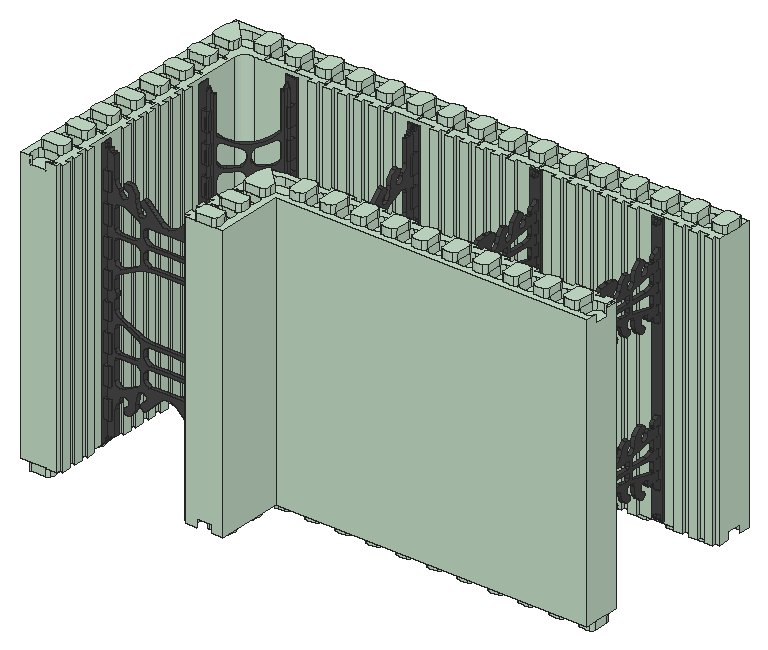
Revit family (continued)
Definition of nested family "8-inch Web"
  Forms (mm)
    Extrusion 1, solid, material "Polypropylene"
      sketch origin (0, 0, -12.7) x (0, 1, 0) y (0, 0, 1)
        loop
          arc (-14.2, 153.366) -> (-12.317, 139.962) -> (-25.162, 144.233) r 7.964
          line (-25.162, 144.233) -> (-28.785, 154.058)
          arc (-28.785, 154.058) -> (-32.372, 159.475) -> (-37.571, 163.372) r 19.048
          arc (-37.571, 163.372) -> (-44.734, 160.936) -> (-42.74, 153.637) r 5.521
          arc (-42.74, 153.637) -> (-41.863, 139.83) -> (-54.194, 146.103) r 7.964
          arc (-54.194, 146.103) -> (-55.373, 154.194) -> (-57.64, 162.051) r 60.065
          arc (-57.64, 162.051) -> (-61.567, 168.057) -> (-67.603, 171.936) r 17.187
          arc (-67.603, 171.936) -> (-74.867, 168.824) -> (-71.754, 161.56) r 5.588
          arc (-71.754, 161.56) -> (-71.305, 147.203) -> (-82.775, 155.849) r 7.964
          arc (-82.775, 155.849) -> (-83.358, 158.431) -> (-85.945, 158.987) r 2.458
          arc (-85.945, 158.987) -> (-90.146, 157.611) -> (-94.523, 156.986) r 25.331
          line (-94.523, 156.986) -> (-97.423, 156.986) -> (-97.423, 158.764) -> (-95.969, 158.764)
          arc (-95.969, 158.764) -> (-94.847, 159.229) -> (-94.382, 160.352) r 1.588
          line (-94.382, 160.352) -> (-94.382, 162.066)
          arc (-94.382, 162.066) -> (-95.547, 165.733) -> (-98.615, 168.053) r 6.35
          arc (-98.615, 168.053) -> (-101.901, 169.792) -> (-104.542, 172.407) r 12.7
          line (-104.542, 172.407) -> (-106.299, 172.407) -> (-106.299, 157.177)
          arc (-106.299, 157.177) -> (-105.834, 158.3) -> (-104.712, 158.764) r 1.588
          line (-104.712, 158.764) -> (-99.32, 158.764) -> (-99.32, 156.986) -> (-102.129, 156.986) -> (-102.129, 144.286) -> (-99.32, 144.286) -> (-99.32, 142.508) -> (-104.712, 142.508)
          arc (-104.712, 142.508) -> (-105.834, 142.973) -> (-106.299, 144.096) r 1.587
          line (-106.299, 144.096) -> (-106.299, 124.157)
          arc (-106.299, 124.157) -> (-105.834, 125.28) -> (-104.712, 125.744) r 1.587
          line (-104.712, 125.744) -> (-99.32, 125.744) -> (-99.32, 123.966) -> (-102.129, 123.966) -> (-102.129, 111.266) -> (-99.32, 111.266) -> (-99.32, 109.488) -> (-104.712, 109.488)
          arc (-104.712, 109.488) -> (-105.834, 109.953) -> (-106.299, 111.076) r 1.587
          line (-106.299, 111.076) -> (-106.299, 91.137)
          arc (-106.299, 91.137) -> (-105.834, 92.26) -> (-104.712, 92.724) r 1.587
          line (-104.712, 92.724) -> (-99.32, 92.724) -> (-99.32, 90.946) -> (-102.129, 90.946) -> (-102.129, 78.247) -> (-99.32, 78.247) -> (-99.32, 76.468) -> (-105.494, 76.468)
          arc (-105.494, 76.468) -> (-105.911, 76.524) -> (-106.299, 76.687) r 1.587
          line (-106.299, 76.687) -> (-106.299, 59.596)
          arc (-106.299, 59.596) -> (-103.303, 64.245) -> (-98.615, 67.18) r 12.7
          arc (-98.615, 67.18) -> (-95.547, 69.5) -> (-94.382, 73.166) r 6.35
          line (-94.382, 73.166) -> (-94.382, 74.881)
          arc (-94.382, 74.881) -> (-94.847, 76.004) -> (-95.969, 76.468) r 1.588
          line (-95.969, 76.468) -> (-97.423, 76.468) -> (-97.423, 78.247) -> (-94.523, 78.247)
          arc (-94.523, 78.247) -> (-90.146, 77.622) -> (-85.945, 76.246) r 25.331
          arc (-85.945, 76.246) -> (-83.358, 76.802) -> (-82.775, 79.383) r 2.458
          arc (-82.775, 79.383) -> (-71.305, 88.03) -> (-71.754, 73.673) r 7.964
          arc (-71.754, 73.673) -> (-74.867, 66.409) -> (-67.603, 63.297) r 5.588
          arc (-67.603, 63.297) -> (-61.567, 67.176) -> (-57.64, 73.182) r 17.187
          arc (-57.64, 73.182) -> (-55.373, 81.039) -> (-54.194, 89.13) r 60.065
          arc (-54.194, 89.13) -> (-41.863, 95.403) -> (-42.74, 81.596) r 7.964
          arc (-42.74, 81.596) -> (-44.734, 74.297) -> (-37.571, 71.861) r 5.521
          arc (-37.571, 71.861) -> (-32.372, 75.758) -> (-28.785, 81.174) r 19.048
          line (-28.785, 81.174) -> (-25.162, 91)
          arc (-25.162, 91) -> (-12.317, 95.271) -> (-14.2, 81.867) r 7.964
          arc (-14.2, 81.867) -> (-18.676, 75.161) -> (-13.614, 68.886) r 6.808
          arc (-13.614, 68.886) -> (-7.646, 67.686) -> (-1.57, 67.31) r 44.552
          arc (-1.57, 67.31) -> (-0.785, 67.312) -> (0, 67.327) r 44.552
          arc (0, 67.327) -> (0.785, 67.312) -> (1.57, 67.31) r 44.552
          arc (1.57, 67.31) -> (7.646, 67.686) -> (13.614, 68.886) r 44.552
          arc (13.614, 68.886) -> (18.676, 75.161) -> (14.2, 81.867) r 6.808
          arc (14.2, 81.867) -> (12.317, 95.271) -> (25.162, 91) r 7.964
          line (25.162, 91) -> (28.785, 81.174)
          arc (28.785, 81.174) -> (32.372, 75.758) -> (37.571, 71.861) r 19.048
          arc (37.571, 71.861) -> (44.734, 74.297) -> (42.74, 81.596) r 5.521
          arc (42.74, 81.596) -> (41.863, 95.403) -> (54.194, 89.13) r 7.964
          arc (54.194, 89.13) -> (55.373, 81.039) -> (57.64, 73.182) r 60.065
          arc (57.64, 73.182) -> (61.567, 67.176) -> (67.603, 63.297) r 17.187
          arc (67.603, 63.297) -> (74.867, 66.409) -> (71.754, 73.673) r 5.588
          arc (71.754, 73.673) -> (71.305, 88.03) -> (82.775, 79.383) r 7.964
          arc (82.775, 79.383) -> (83.358, 76.802) -> (85.945, 76.246) r 2.458
          arc (85.945, 76.246) -> (90.146, 77.622) -> (94.523, 78.247) r 25.331
          line (94.523, 78.247) -> (97.423, 78.247) -> (97.423, 76.468) -> (95.969, 76.468)
          arc (95.969, 76.468) -> (94.847, 76.004) -> (94.382, 74.881) r 1.588
          line (94.382, 74.881) -> (94.382, 73.166)
          arc (94.382, 73.166) -> (95.547, 69.5) -> (98.615, 67.18) r 6.35
          arc (98.615, 67.18) -> (103.303, 64.245) -> (106.299, 59.596) r 12.7
          line (106.299, 59.596) -> (106.299, 76.687)
          arc (106.299, 76.687) -> (105.911, 76.524) -> (105.494, 76.468) r 1.587
          line (105.494, 76.468) -> (99.32, 76.468) -> (99.32, 78.247) -> (102.129, 78.247) -> (102.129, 90.946)
        loop
          arc (91.877, 111.986) -> (86.338, 114.181) -> (80.47, 115.215) r 29.457
          line (80.47, 115.215) -> (51.148, 115.196)
          arc (51.148, 115.196) -> (49.353, 114.451) -> (48.61, 112.656) r 2.54
          line (48.61, 112.656) -> (48.61, 102.883)
          arc (48.61, 102.883) -> (49.199, 101.256) -> (50.693, 100.384) r 2.54
          arc (50.693, 100.384) -> (72.674, 96.007) -> (94.509, 90.946) r 717.627
          line (94.509, 90.946) -> (97.423, 90.946) -> (97.423, 92.724) -> (95.969, 92.724)
          arc (95.969, 92.724) -> (94.847, 93.189) -> (94.382, 94.312) r 1.588
          line (94.382, 94.312) -> (94.382, 107.901)
          arc (94.382, 107.901) -> (94.847, 109.024) -> (95.969, 109.488) r 1.588
          line (95.969, 109.488) -> (97.423, 109.488) -> (97.423, 111.266) -> (94.509, 111.266)
          arc (94.509, 111.266) -> (93.148, 111.462) -> (91.877, 111.986) r 5.556
        loop
          arc (94.509, 144.286) -> (72.674, 139.226) -> (50.693, 134.849) r 717.627
          arc (50.693, 134.849) -> (49.199, 133.977) -> (48.61, 132.35) r 2.54
          line (48.61, 132.35) -> (48.61, 122.577)
          arc (48.61, 122.577) -> (49.353, 120.782) -> (51.148, 120.018) r 2.54
          line (51.148, 120.018) -> (80.47, 120.018)
          arc (80.47, 120.018) -> (86.338, 121.052) -> (91.877, 123.247) r 29.457
          arc (91.877, 123.247) -> (93.148, 123.771) -> (94.509, 123.966) r 5.556
          line (94.509, 123.966) -> (97.423, 123.966) -> (97.423, 125.744) -> (95.969, 125.744)
          arc (95.969, 125.744) -> (94.847, 126.209) -> (94.382, 127.332) r 1.588
          line (94.382, 127.332) -> (94.382, 140.921)
          arc (94.382, 140.921) -> (94.847, 142.044) -> (95.969, 142.508) r 1.588
          line (95.969, 142.508) -> (97.423, 142.508) -> (97.423, 144.286) -> (94.509, 144.286)
        loop
          arc (41.723, 101.963) -> (43.816, 102.502) -> (44.736, 104.459) r 2.54
          line (44.736, 104.459) -> (44.736, 112.656)
          arc (44.736, 112.656) -> (43.992, 114.452) -> (42.196, 115.196) r 2.54
          line (42.196, 115.196) -> (11.029, 115.196)
          arc (11.029, 115.196) -> (5.078, 109.244) -> (11.029, 103.292) r 5.952
          line (11.029, 103.292) -> (27.46, 103.292)
          arc (27.46, 103.292) -> (34.623, 102.965) -> (41.723, 101.963) r 75.792
        loop
          arc (41.723, 133.27) -> (34.623, 132.267) -> (27.46, 131.941) r 75.792
          line (27.46, 131.941) -> (11.029, 131.941)
          arc (11.029, 131.941) -> (5.078, 125.989) -> (11.029, 120.037) r 5.952
          line (11.029, 120.037) -> (42.196, 120.037)
          arc (42.196, 120.037) -> (43.992, 120.781) -> (44.736, 122.577) r 2.54
          line (44.736, 122.577) -> (44.736, 130.774)
          arc (44.736, 130.774) -> (43.816, 132.73) -> (41.723, 133.27) r 2.54
        loop
          arc (-91.877, 111.986) -> (-93.148, 111.462) -> (-94.509, 111.266) r 5.556
          line (-94.509, 111.266) -> (-97.423, 111.266) -> (-97.423, 109.488) -> (-95.969, 109.488)
          arc (-95.969, 109.488) -> (-94.847, 109.024) -> (-94.382, 107.901) r 1.588
          line (-94.382, 107.901) -> (-94.382, 94.312)
          arc (-94.382, 94.312) -> (-94.847, 93.189) -> (-95.969, 92.724) r 1.588
          line (-95.969, 92.724) -> (-97.423, 92.724) -> (-97.423, 90.946) -> (-94.509, 90.946)
          arc (-94.509, 90.946) -> (-72.674, 96.007) -> (-50.693, 100.384) r 717.627
          arc (-50.693, 100.384) -> (-49.199, 101.256) -> (-48.61, 102.883) r 2.54
          line (-48.61, 102.883) -> (-48.61, 112.656)
          arc (-48.61, 112.656) -> (-49.353, 114.451) -> (-51.148, 115.196) r 2.54
          line (-51.148, 115.196) -> (-80.47, 115.215)
          arc (-80.47, 115.215) -> (-86.338, 114.181) -> (-91.877, 111.986) r 29.457
        loop
          line (-94.509, 144.286) -> (-97.423, 144.286) -> (-97.423, 142.508) -> (-95.969, 142.508)
          arc (-95.969, 142.508) -> (-94.847, 142.044) -> (-94.382, 140.921) r 1.588
          line (-94.382, 140.921) -> (-94.382, 127.332)
          arc (-94.382, 127.332) -> (-94.847, 126.209) -> (-95.969, 125.744) r 1.588
          line (-95.969, 125.744) -> (-97.423, 125.744) -> (-97.423, 123.966) -> (-94.509, 123.966)
          arc (-94.509, 123.966) -> (-93.148, 123.771) -> (-91.877, 123.247) r 5.556
          arc (-91.877, 123.247) -> (-86.338, 121.052) -> (-80.47, 120.018) r 29.457
          line (-80.47, 120.018) -> (-51.148, 120.018)
          arc (-51.148, 120.018) -> (-49.353, 120.782) -> (-48.61, 122.577) r 2.54
          line (-48.61, 122.577) -> (-48.61, 132.35)
          arc (-48.61, 132.35) -> (-49.199, 133.977) -> (-50.693, 134.849) r 2.54
          arc (-50.693, 134.849) -> (-72.674, 139.226) -> (-94.509, 144.286) r 717.627
        loop
          arc (-41.723, 101.963) -> (-34.623, 102.965) -> (-27.46, 103.292) r 75.792
          line (-27.46, 103.292) -> (-11.029, 103.292)
          arc (-11.029, 103.292) -> (-5.078, 109.244) -> (-11.029, 115.196) r 5.952
          line (-11.029, 115.196) -> (-42.196, 115.196)
          arc (-42.196, 115.196) -> (-43.992, 114.452) -> (-44.736, 112.656) r 2.54
          line (-44.736, 112.656) -> (-44.736, 104.459)
          arc (-44.736, 104.459) -> (-43.816, 102.502) -> (-41.723, 101.963) r 2.54
        loop
          arc (-41.723, 133.27) -> (-43.816, 132.73) -> (-44.736, 130.774) r 2.54
          line (-44.736, 130.774) -> (-44.736, 122.577)
          arc (-44.736, 122.577) -> (-43.992, 120.781) -> (-42.196, 120.037) r 2.54
          line (-42.196, 120.037) -> (-11.029, 120.037)
          arc (-11.029, 120.037) -> (-5.078, 125.989) -> (-11.029, 131.941) r 5.952
          line (-11.029, 131.941) -> (-27.46, 131.941)
          arc (-27.46, 131.941) -> (-34.623, 132.267) -> (-41.723, 133.27) r 75.792
      from -3.175 to 3.175
    Extrusion 2, solid, material "Polypropylene"
      sketch origin (0, 0, 0) x (0, 1, 0) y (0, 0, 1)
        loop
          line (106.299, 452.438) -> (106.299, 4.762)
          arc (106.299, 4.762) -> (106.787, 3.618) -> (107.95, 3.176) r 1.588
          arc (107.95, 3.176) -> (109.113, 3.618) -> (109.601, 4.762) r 1.588
          line (109.601, 4.762) -> (109.601, 452.437)
          arc (109.601, 452.437) -> (109.113, 453.582) -> (107.95, 454.024) r 1.588
          arc (107.95, 454.024) -> (106.787, 453.582) -> (106.299, 452.438) r 1.588
        loop
          arc (-106.299, 452.438) -> (-106.787, 453.582) -> (-107.95, 454.024) r 1.588
          arc (-107.95, 454.024) -> (-109.113, 453.582) -> (-109.601, 452.437) r 1.588
          line (-109.601, 452.437) -> (-109.601, 4.762)
          arc (-109.601, 4.762) -> (-109.113, 3.618) -> (-107.95, 3.176) r 1.588
          arc (-107.95, 3.176) -> (-106.787, 3.618) -> (-106.299, 4.762) r 1.588
          line (-106.299, 4.762) -> (-106.299, 452.438)
      from -9.227 to 9.227
Definition of nested family "8-inch Insert Web"
  Reference planes
    plane 1 "Center (Front/Back)": y = 0
    plane 2: z = 0
    plane 3 "Center (Left/Right)": x = 0
  Forms (mm)
    Extrusion 1, solid, material "High Density Polystyrene"
      sketch origin (0, 0, 0) x (0, 1, 0) y (0, 0, 1)
        loop
          line (107.95, 0) -> (107.95, 450.744)
          arc (107.95, 450.744) -> (107.217, 450.243) -> (106.934, 449.4) r 1.397
          line (106.934, 449.4) -> (106.934, 1.344)
          arc (106.934, 1.344) -> (107.217, 0.502) -> (107.95, 0) r 1.397
        loop
          arc (-107.95, 0) -> (-107.217, 0.502) -> (-106.934, 1.344) r 1.397
          line (-106.934, 1.344) -> (-106.934, 449.4)
          arc (-106.934, 449.4) -> (-107.217, 450.243) -> (-107.95, 450.744) r 1.397
          line (-107.95, 450.744) -> (-107.95, 0)
      from 9.227 to -9.227
    Extrusion 2, solid, material "High Density Polystyrene"
      sketch origin (0, 0, 0) x (0, 1, 0) y (0, 0, 1)
        loop
          arc (106.398, 442.16) -> (106.775, 442.021) -> (106.934, 441.652) r 0.508
          line (106.934, 441.652) -> (106.934, 447.972)
          arc (106.934, 447.972) -> (106.829, 447.585) -> (106.542, 447.306) r 0.762
          line (106.542, 447.306) -> (104.786, 446.33)
          arc (104.786, 446.33) -> (104.499, 446.05) -> (104.394, 445.664) r 0.762
          line (104.394, 445.664) -> (104.394, 442.585)
          arc (104.394, 442.585) -> (104.553, 442.216) -> (104.93, 442.078) r 0.508
          line (104.93, 442.078) -> (106.398, 442.16)
        loop
          line (-104.786, 446.33) -> (-106.542, 447.306)
          arc (-106.542, 447.306) -> (-106.829, 447.585) -> (-106.934, 447.972) r 0.762
          line (-106.934, 447.972) -> (-106.934, 441.652)
          arc (-106.934, 441.652) -> (-106.775, 442.021) -> (-106.398, 442.16) r 0.508
          line (-106.398, 442.16) -> (-104.93, 442.078)
          arc (-104.93, 442.078) -> (-104.553, 442.216) -> (-104.394, 442.585) r 0.508
          line (-104.394, 442.585) -> (-104.394, 445.664)
          arc (-104.394, 445.664) -> (-104.499, 446.05) -> (-104.786, 446.33) r 0.762
        loop
          line (106.398, 8.585) -> (104.93, 8.666)
          arc (104.93, 8.666) -> (104.553, 8.528) -> (104.394, 8.159) r 0.508
          line (104.394, 8.159) -> (104.394, 5.08)
          arc (104.394, 5.08) -> (104.499, 4.694) -> (104.786, 4.414) r 0.762
          line (104.786, 4.414) -> (106.542, 3.439)
          arc (106.542, 3.439) -> (106.829, 3.159) -> (106.934, 2.772) r 0.762
          line (106.934, 2.772) -> (106.934, 9.092)
          arc (106.934, 9.092) -> (106.775, 8.723) -> (106.398, 8.585) r 0.508
        loop
          arc (-104.786, 4.414) -> (-104.499, 4.694) -> (-104.394, 5.08) r 0.762
          line (-104.394, 5.08) -> (-104.394, 8.159)
          arc (-104.394, 8.159) -> (-104.553, 8.528) -> (-104.93, 8.666) r 0.508
          line (-104.93, 8.666) -> (-106.398, 8.585)
          arc (-106.398, 8.585) -> (-106.775, 8.723) -> (-106.934, 9.092) r 0.508
          line (-106.934, 9.092) -> (-106.934, 2.772)
          arc (-106.934, 2.772) -> (-106.829, 3.159) -> (-106.542, 3.439) r 0.762
          line (-106.542, 3.439) -> (-104.786, 4.414)
        loop
          line (101.6, 437.076) -> (99.695, 442.918)
          arc (99.695, 442.918) -> (98.425, 443.68) -> (97.155, 442.918) r 1.439
          line (97.155, 442.918) -> (95.913, 439.108) -> (92.683, 439.108)
          arc (92.683, 439.108) -> (91.804, 438.744) -> (91.44, 437.865) r 1.243
          line (91.44, 437.865) -> (91.44, 437.076) -> (88.9, 437.076) -> (88.9, 400.201)
          arc (88.9, 400.201) -> (87.144, 393.421) -> (82.318, 388.345) r 13.97
          arc (82.318, 388.345) -> (81.085, 386.915) -> (80.881, 385.039) r 3.175
          arc (80.881, 385.039) -> (69.576, 376.743) -> (70.402, 390.741) r 7.747
          arc (70.402, 390.741) -> (73.514, 398.005) -> (66.25, 401.117) r 5.588
          arc (66.25, 401.117) -> (57.259, 393.619) -> (54.399, 382.266) r 18.923
          arc (54.399, 382.266) -> (53.291, 371.727) -> (50.021, 361.646) r 50.8
          arc (50.021, 361.646) -> (37.344, 361.552) -> (41.55, 373.51) r 7.747
          arc (41.55, 373.51) -> (45.434, 381.929) -> (36.511, 384.447) r 6.096
          line (36.511, 384.447) -> (13.47, 361.407)
          arc (13.47, 361.407) -> (0, 355.827) -> (-13.47, 361.407) r 19.05
          line (-13.47, 361.407) -> (-36.511, 384.447)
          arc (-36.511, 384.447) -> (-45.434, 381.929) -> (-41.55, 373.51) r 6.096
          arc (-41.55, 373.51) -> (-37.344, 361.552) -> (-50.021, 361.646) r 7.747
          arc (-50.021, 361.646) -> (-53.291, 371.727) -> (-54.399, 382.266) r 50.8
          arc (-54.399, 382.266) -> (-57.259, 393.619) -> (-66.25, 401.117) r 18.923
          arc (-66.25, 401.117) -> (-73.514, 398.005) -> (-70.402, 390.741) r 5.588
          arc (-70.402, 390.741) -> (-69.576, 376.743) -> (-80.881, 385.039) r 7.747
          arc (-80.881, 385.039) -> (-81.085, 386.915) -> (-82.318, 388.345) r 3.175
          arc (-82.318, 388.345) -> (-87.144, 393.421) -> (-88.9, 400.201) r 13.97
          line (-88.9, 400.201) -> (-88.9, 437.076) -> (-91.44, 437.076) -> (-91.44, 437.865)
          arc (-91.44, 437.865) -> (-91.804, 438.744) -> (-92.683, 439.108) r 1.243
          line (-92.683, 439.108) -> (-95.913, 439.108) -> (-97.155, 442.918)
          arc (-97.155, 442.918) -> (-98.425, 443.68) -> (-99.695, 442.918) r 1.439
          line (-99.695, 442.918) -> (-101.6, 437.076) -> (-101.6, 16.896) -> (-99.695, 11.054)
          arc (-99.695, 11.054) -> (-98.425, 10.292) -> (-97.155, 11.054) r 1.439
          line (-97.155, 11.054) -> (-95.913, 14.864) -> (-92.683, 14.864)
          arc (-92.683, 14.864) -> (-91.804, 15.228) -> (-91.44, 16.107) r 1.243
          line (-91.44, 16.107) -> (-91.44, 16.896) -> (-88.9, 16.896) -> (-88.9, 56.999)
          arc (-88.9, 56.999) -> (-87.144, 63.779) -> (-82.318, 68.855) r 13.97
          arc (-82.318, 68.855) -> (-81.085, 70.285) -> (-80.881, 72.161) r 3.175
          arc (-80.881, 72.161) -> (-69.576, 80.457) -> (-70.402, 66.459) r 7.747
          arc (-70.402, 66.459) -> (-73.514, 59.195) -> (-66.25, 56.083) r 5.588
          arc (-66.25, 56.083) -> (-57.259, 63.581) -> (-54.399, 74.934) r 18.923
          arc (-54.399, 74.934) -> (-53.291, 85.473) -> (-50.021, 95.554) r 50.8
          arc (-50.021, 95.554) -> (-37.344, 95.648) -> (-41.55, 83.69) r 7.747
          arc (-41.55, 83.69) -> (-45.434, 75.271) -> (-36.511, 72.753) r 6.096
          line (-36.511, 72.753) -> (-13.47, 95.793)
          arc (-13.47, 95.793) -> (0, 101.373) -> (13.47, 95.793) r 19.05
          line (13.47, 95.793) -> (36.511, 72.753)
          arc (36.511, 72.753) -> (45.434, 75.271) -> (41.55, 83.69) r 6.096
          arc (41.55, 83.69) -> (37.344, 95.648) -> (50.021, 95.554) r 7.747
          arc (50.021, 95.554) -> (53.291, 85.473) -> (54.399, 74.934) r 50.8
          arc (54.399, 74.934) -> (57.259, 63.581) -> (66.25, 56.083) r 18.923
          arc (66.25, 56.083) -> (73.514, 59.195) -> (70.402, 66.459) r 5.588
          arc (70.402, 66.459) -> (69.576, 80.457) -> (80.881, 72.161) r 7.747
          arc (80.881, 72.161) -> (81.085, 70.285) -> (82.318, 68.855) r 3.175
          arc (82.318, 68.855) -> (87.144, 63.779) -> (88.9, 56.999) r 13.97
          line (88.9, 56.999) -> (88.9, 16.896) -> (91.44, 16.896) -> (91.44, 16.107)
          arc (91.44, 16.107) -> (91.804, 15.228) -> (92.683, 14.864) r 1.243
          line (92.683, 14.864) -> (95.913, 14.864) -> (97.155, 11.054)
          arc (97.155, 11.054) -> (98.425, 10.292) -> (99.695, 11.054) r 1.439
          line (99.695, 11.054) -> (101.6, 16.896) -> (101.6, 437.076)
        loop
          line (75.338, 365.319) -> (53.037, 354.882)
          arc (53.037, 354.882) -> (47.704, 350.196) -> (45.72, 343.38) r 12.7
          line (45.72, 343.38) -> (45.72, 332.943)
          arc (45.72, 332.943) -> (49.44, 323.962) -> (58.42, 320.243) r 12.7
          line (58.42, 320.243) -> (82.55, 320.243)
          arc (82.55, 320.243) -> (87.04, 322.103) -> (88.9, 326.593) r 6.35
          line (88.9, 326.593) -> (88.9, 356.692)
          arc (88.9, 356.692) -> (84.487, 364.729) -> (75.338, 365.319) r 9.525
        loop
          line (40.64, 329.768) -> (40.64, 340.162)
          arc (40.64, 340.162) -> (37.629, 345.093) -> (33.051, 348.618) r 15.855
          arc (33.051, 348.618) -> (29.537, 348.292) -> (26.01, 348.183) r 57.15
          line (26.01, 348.183) -> (0, 348.183) -> (-26.01, 348.183)
          arc (-26.01, 348.183) -> (-29.537, 348.292) -> (-33.051, 348.618) r 57.15
          arc (-33.051, 348.618) -> (-37.629, 345.093) -> (-40.64, 340.162) r 15.855
          line (-40.64, 340.162) -> (-40.64, 329.768)
          arc (-40.64, 329.768) -> (-36.952, 323.93) -> (-31.115, 320.243) r 15.684
          line (-31.115, 320.243) -> (0, 320.243) -> (31.115, 320.243)
          arc (31.115, 320.243) -> (36.952, 323.93) -> (40.64, 329.768) r 15.684
        loop
          line (-53.037, 354.882) -> (-75.338, 365.319)
          arc (-75.338, 365.319) -> (-84.487, 364.729) -> (-88.9, 356.692) r 9.525
          line (-88.9, 356.692) -> (-88.9, 326.593)
          arc (-88.9, 326.593) -> (-87.04, 322.103) -> (-82.55, 320.243) r 6.35
          line (-82.55, 320.243) -> (-58.42, 320.243)
          arc (-58.42, 320.243) -> (-49.44, 323.962) -> (-45.72, 332.943) r 12.7
          line (-45.72, 332.943) -> (-45.72, 340.735) -> (-45.72, 343.38)
          arc (-45.72, 343.38) -> (-47.704, 350.196) -> (-53.037, 354.882) r 12.7
        loop
          arc (75.338, 270.594) -> (84.487, 271.184) -> (88.9, 279.221) r 9.525
          line (88.9, 279.221) -> (88.9, 309.321)
          arc (88.9, 309.321) -> (87.04, 313.811) -> (82.55, 315.671) r 6.35
          line (82.55, 315.671) -> (58.42, 315.671)
          arc (58.42, 315.671) -> (49.44, 311.951) -> (45.72, 302.971) r 12.7
          line (45.72, 302.971) -> (45.72, 292.534)
          arc (45.72, 292.534) -> (47.704, 285.717) -> (53.037, 281.031) r 12.7
          line (53.037, 281.031) -> (75.338, 270.594)
        loop
          arc (40.64, 306.146) -> (36.952, 311.983) -> (31.115, 315.671) r 15.684
          line (31.115, 315.671) -> (0, 315.671) -> (-31.115, 315.671)
          arc (-31.115, 315.671) -> (-36.952, 311.983) -> (-40.64, 306.146) r 15.684
          line (-40.64, 306.146) -> (-40.64, 295.751)
          arc (-40.64, 295.751) -> (-37.629, 290.82) -> (-33.051, 287.295) r 15.855
          arc (-33.051, 287.295) -> (-29.537, 287.622) -> (-26.01, 287.731) r 57.15
          line (-26.01, 287.731) -> (0, 287.731) -> (26.01, 287.731)
          arc (26.01, 287.731) -> (29.537, 287.622) -> (33.051, 287.295) r 57.15
          arc (33.051, 287.295) -> (37.629, 290.82) -> (40.64, 295.751) r 15.855
          line (40.64, 295.751) -> (40.64, 306.146)
        loop
          arc (-53.037, 281.031) -> (-47.704, 285.717) -> (-45.72, 292.534) r 12.7
          line (-45.72, 292.534) -> (-45.72, 295.178) -> (-45.72, 302.971)
          arc (-45.72, 302.971) -> (-49.44, 311.951) -> (-58.42, 315.671) r 12.7
          line (-58.42, 315.671) -> (-82.55, 315.671)
          arc (-82.55, 315.671) -> (-87.04, 313.811) -> (-88.9, 309.321) r 6.35
          line (-88.9, 309.321) -> (-88.9, 279.221)
          arc (-88.9, 279.221) -> (-84.487, 271.184) -> (-75.338, 270.594) r 9.525
          line (-75.338, 270.594) -> (-53.037, 281.031)
        loop
          line (81.583, 262.614) -> (49.625, 277.57)
          arc (49.625, 277.57) -> (37.808, 281.595) -> (25.4, 282.958) r 57.15
          line (25.4, 282.958) -> (0, 282.958) -> (-25.4, 282.958)
          arc (-25.4, 282.958) -> (-37.808, 281.595) -> (-49.625, 277.57) r 57.15
          line (-49.625, 277.57) -> (-81.583, 262.614)
          arc (-81.583, 262.614) -> (-86.916, 257.927) -> (-88.9, 251.111) r 12.7
          line (-88.9, 251.111) -> (-88.9, 236.534) -> (-85.852, 231.454) -> (-85.852, 228.6) -> (-85.852, 225.746) -> (-88.9, 220.666) -> (-88.9, 206.089)
          arc (-88.9, 206.089) -> (-86.916, 199.273) -> (-81.583, 194.586) r 12.7
          line (-81.583, 194.586) -> (-49.625, 179.63)
          arc (-49.625, 179.63) -> (-37.808, 175.605) -> (-25.4, 174.242) r 57.15
          line (-25.4, 174.242) -> (0, 174.242) -> (25.4, 174.242)
          arc (25.4, 174.242) -> (37.808, 175.605) -> (49.625, 179.63) r 57.15
          line (49.625, 179.63) -> (81.583, 194.586)
          arc (81.583, 194.586) -> (86.916, 199.273) -> (88.9, 206.089) r 12.7
          line (88.9, 206.089) -> (88.9, 220.666) -> (85.852, 225.746) -> (85.852, 228.6) -> (85.852, 231.454) -> (88.9, 236.534) -> (88.9, 251.111)
          arc (88.9, 251.111) -> (86.916, 257.927) -> (81.583, 262.614) r 12.7
        loop
          arc (75.338, 91.881) -> (84.487, 92.471) -> (88.9, 100.508) r 9.525
          line (88.9, 100.508) -> (88.9, 130.607)
          arc (88.9, 130.607) -> (87.04, 135.097) -> (82.55, 136.957) r 6.35
          line (82.55, 136.957) -> (58.42, 136.957)
          arc (58.42, 136.957) -> (49.44, 133.238) -> (45.72, 124.257) r 12.7
          line (45.72, 124.257) -> (45.72, 113.82)
          arc (45.72, 113.82) -> (47.704, 107.004) -> (53.037, 102.318) r 12.7
          line (53.037, 102.318) -> (75.338, 91.881)
        loop
          arc (40.64, 127.432) -> (36.952, 133.27) -> (31.115, 136.957) r 15.684
          line (31.115, 136.957) -> (0, 136.957) -> (-31.115, 136.957)
          arc (-31.115, 136.957) -> (-36.952, 133.27) -> (-40.64, 127.432) r 15.684
          line (-40.64, 127.432) -> (-40.64, 117.038)
          arc (-40.64, 117.038) -> (-37.629, 112.107) -> (-33.051, 108.582) r 15.855
          arc (-33.051, 108.582) -> (-29.537, 108.908) -> (-26.01, 109.017) r 57.15
          line (-26.01, 109.017) -> (0, 109.017) -> (26.01, 109.017)
          arc (26.01, 109.017) -> (29.537, 108.908) -> (33.051, 108.582) r 57.15
          arc (33.051, 108.582) -> (37.629, 112.107) -> (40.64, 117.038) r 15.855
          line (40.64, 117.038) -> (40.64, 127.432)
        loop
          arc (-53.037, 102.318) -> (-47.704, 107.004) -> (-45.72, 113.82) r 12.7
          line (-45.72, 113.82) -> (-45.72, 116.465) -> (-45.72, 124.257)
          arc (-45.72, 124.257) -> (-49.44, 133.238) -> (-58.42, 136.957) r 12.7
          line (-58.42, 136.957) -> (-82.55, 136.957)
          arc (-82.55, 136.957) -> (-87.04, 135.097) -> (-88.9, 130.607) r 6.35
          line (-88.9, 130.607) -> (-88.9, 100.508)
          arc (-88.9, 100.508) -> (-84.487, 92.471) -> (-75.338, 91.881) r 9.525
          line (-75.338, 91.881) -> (-53.037, 102.318)
        loop
          line (75.338, 186.606) -> (53.037, 176.169)
          arc (53.037, 176.169) -> (47.704, 171.483) -> (45.72, 164.666) r 12.7
          line (45.72, 164.666) -> (45.72, 154.229)
          arc (45.72, 154.229) -> (49.44, 145.249) -> (58.42, 141.529) r 12.7
          line (58.42, 141.529) -> (82.55, 141.529)
          arc (82.55, 141.529) -> (87.04, 143.389) -> (88.9, 147.879) r 6.35
          line (88.9, 147.879) -> (88.9, 177.979)
          arc (88.9, 177.979) -> (84.487, 186.016) -> (75.338, 186.606) r 9.525
        loop
          line (40.64, 151.054) -> (40.64, 161.449)
          arc (40.64, 161.449) -> (37.629, 166.38) -> (33.051, 169.905) r 15.855
          arc (33.051, 169.905) -> (29.537, 169.578) -> (26.01, 169.469) r 57.15
          line (26.01, 169.469) -> (0, 169.469) -> (-26.01, 169.469)
          arc (-26.01, 169.469) -> (-29.537, 169.578) -> (-33.051, 169.905) r 57.15
          arc (-33.051, 169.905) -> (-37.629, 166.38) -> (-40.64, 161.449) r 15.855
          line (-40.64, 161.449) -> (-40.64, 151.054)
          arc (-40.64, 151.054) -> (-36.952, 145.217) -> (-31.115, 141.529) r 15.684
          line (-31.115, 141.529) -> (0, 141.529) -> (31.115, 141.529)
          arc (31.115, 141.529) -> (36.952, 145.217) -> (40.64, 151.054) r 15.684
        loop
          line (-53.037, 176.169) -> (-75.338, 186.606)
          arc (-75.338, 186.606) -> (-84.487, 186.016) -> (-88.9, 177.979) r 9.525
          line (-88.9, 177.979) -> (-88.9, 147.879)
          arc (-88.9, 147.879) -> (-87.04, 143.389) -> (-82.55, 141.529) r 6.35
          line (-82.55, 141.529) -> (-58.42, 141.529)
          arc (-58.42, 141.529) -> (-49.44, 145.249) -> (-45.72, 154.229) r 12.7
          line (-45.72, 154.229) -> (-45.72, 162.022) -> (-45.72, 164.666)
          arc (-45.72, 164.666) -> (-47.704, 171.483) -> (-53.037, 176.169) r 12.7
      from 3.175 to -3.175
    Extrusion 3, solid, material "High Density Polystyrene"
      sketch origin (0, 0, 0) x (0, 1, 0) y (0, 0, 1)
        loop
          line (106.934, 410.919) -> (94.234, 410.919) -> (94.234, 380.439) -> (106.934, 380.439) -> (106.934, 410.919)
        loop
          line (106.934, 361.389) -> (94.234, 361.389) -> (94.234, 330.909) -> (106.934, 330.909) -> (106.934, 361.389)
        loop
          line (106.934, 311.859) -> (94.234, 311.859) -> (94.234, 281.379) -> (106.934, 281.379) -> (106.934, 311.859)
        loop
          line (106.934, 262.329) -> (94.234, 262.329) -> (94.234, 234.897) -> (106.934, 234.897) -> (106.934, 262.329)
        loop
          line (106.934, 215.847) -> (94.234, 215.847) -> (94.234, 188.415) -> (106.934, 188.415) -> (106.934, 215.847)
        loop
          line (106.934, 169.365) -> (94.234, 169.365) -> (94.234, 138.885) -> (106.934, 138.885) -> (106.934, 169.365)
        loop
          line (106.934, 119.835) -> (94.234, 119.835) -> (94.234, 89.355) -> (106.934, 89.355) -> (106.934, 119.835)
        loop
          line (106.934, 70.305) -> (94.234, 70.305) -> (94.234, 39.825) -> (106.934, 39.825) -> (106.934, 70.305)
        loop
          line (-106.934, 410.919) -> (-106.934, 380.439) -> (-94.234, 380.439) -> (-94.234, 410.919) -> (-106.934, 410.919)
        loop
          line (-106.934, 361.389) -> (-106.934, 330.909) -> (-94.234, 330.909) -> (-94.234, 361.389) -> (-106.934, 361.389)
        loop
          line (-106.934, 311.859) -> (-106.934, 281.379) -> (-94.234, 281.379) -> (-94.234, 311.859) -> (-106.934, 311.859)
        loop
          line (-106.934, 262.329) -> (-106.934, 234.897) -> (-94.234, 234.897) -> (-94.234, 262.329) -> (-106.934, 262.329)
        loop
          line (-106.934, 215.847) -> (-106.934, 188.415) -> (-94.234, 188.415) -> (-94.234, 215.847) -> (-106.934, 215.847)
        loop
          line (-106.934, 169.365) -> (-106.934, 138.885) -> (-94.234, 138.885) -> (-94.234, 169.365) -> (-106.934, 169.365)
        loop
          line (-106.934, 119.835) -> (-106.934, 89.355) -> (-94.234, 89.355) -> (-94.234, 119.835) -> (-106.934, 119.835)
        loop
          line (-106.934, 70.305) -> (-106.934, 39.825) -> (-94.234, 39.825) -> (-94.234, 70.305) -> (-106.934, 70.305)
      from 6.35 to -6.35
    Extrusion 4, void
      sketch origin (0, 25.4, 0) x (1, 0, 0) y (0, 1, 0)
        loop
          line (-6.35, 70.929) -> (-6.35, 68.834) -> (-4.255, 68.834)
          arc (-4.255, 68.834) -> (-5.736, 69.448) -> (-6.35, 70.929) r 2.095
      from 0 to 457.2
    Extrusion 5, void
      sketch origin (0, 25.4, 0) x (-1, 0, 0) y (0, -1, 0)
        loop
          arc (-6.35, -70.929) -> (-5.736, -69.448) -> (-4.255, -68.834) r 2.095
          line (-4.255, -68.834) -> (-6.35, -68.834) -> (-6.35, -70.929)
      from 0 to 457.2
    Extrusion 6, void
      sketch origin (0, -25.4, 0) x (1, 0, 0) y (0, 1, 0)
        loop
          arc (-6.35, -70.929) -> (-5.736, -69.448) -> (-4.255, -68.834) r 2.095
          line (-4.255, -68.834) -> (-6.35, -68.834) -> (-6.35, -70.929)
      from 0 to 457.2
    Extrusion 7, void
      sketch origin (0, -25.4, 0) x (-1, 0, 0) y (0, -1, 0)
        loop
          line (-6.35, 70.929) -> (-6.35, 68.834) -> (-4.255, 68.834)
          arc (-4.255, 68.834) -> (-5.736, 69.448) -> (-6.35, 70.929) r 2.095
      from 0 to 457.2
  Cuts and joins
    Extrusion 4, Extrusion 5, Extrusion 6, Extrusion 7 cuts Extrusion 1
    Extrusion 4, Extrusion 5, Extrusion 6, Extrusion 7 cuts Extrusion 3
Definition of nested family "NUDURA 8-inch Corner Insert Web"
  Reference planes
    plane 1 "Center (Front/Back)": y = 0
    plane 2: z = 0
    plane 3 "Center (Left/Right)": x = 0
  Forms (mm)
    Extrusion 1, solid, material "Polypropylene"
      sketch origin (0, 46.037, 6.604) x (0, 1, 0) y (0, 0, 1)
        loop
          line (0, 0) -> (0, 420.18) -> (-3.175, 420.18) -> (-3.175, 359.855)
          arc (-3.175, 359.855) -> (-46.038, 343.98) -> (-88.9, 359.855) r 65.802
          line (-88.9, 359.855) -> (-88.9, 420.18) -> (-92.075, 420.18) -> (-92.075, 0) -> (-88.9, 0) -> (-88.9, 60.325)
          arc (-88.9, 60.325) -> (-46.038, 76.2) -> (-3.175, 60.325) r 65.802
          line (-3.175, 60.325) -> (-3.175, 0) -> (0, 0)
        loop
          arc (-3.175, 255.08) -> (-46.038, 270.955) -> (-88.9, 255.08) r 65.802
          line (-88.9, 255.08) -> (-88.9, 165.1)
          arc (-88.9, 165.1) -> (-46.038, 149.225) -> (-3.175, 165.1) r 65.802
          line (-3.175, 165.1) -> (-3.175, 255.08)
        loop
          arc (-12.217, 347.851) -> (-23.239, 343.002) -> (-34.925, 340.098) r 70.564
          arc (-34.925, 340.098) -> (-44.306, 324.974) -> (-34.925, 309.849) r 16.883
          line (-34.925, 309.849) -> (-15.875, 309.849)
          arc (-15.875, 309.849) -> (-6.895, 313.569) -> (-3.175, 322.549) r 12.7
          line (-3.175, 322.549) -> (-3.175, 342.1)
          arc (-3.175, 342.1) -> (-6.117, 347.458) -> (-12.217, 347.851) r 6.35
        loop
          arc (-12.217, 267.085) -> (-6.117, 267.478) -> (-3.175, 272.836) r 6.35
          line (-3.175, 272.836) -> (-3.175, 292.387)
          arc (-3.175, 292.387) -> (-6.895, 301.367) -> (-15.875, 305.087) r 12.7
          line (-15.875, 305.087) -> (-34.925, 305.087)
          arc (-34.925, 305.087) -> (-44.306, 289.962) -> (-34.925, 274.837) r 16.883
          arc (-34.925, 274.837) -> (-23.239, 271.933) -> (-12.217, 267.085) r 70.564
        loop
          arc (-79.858, 267.085) -> (-68.836, 271.933) -> (-57.15, 274.837) r 70.564
          arc (-57.15, 274.837) -> (-47.769, 289.962) -> (-57.15, 305.087) r 16.883
          line (-57.15, 305.087) -> (-76.2, 305.087)
          arc (-76.2, 305.087) -> (-85.18, 301.367) -> (-88.9, 292.387) r 12.7
          line (-88.9, 292.387) -> (-88.9, 272.836)
          arc (-88.9, 272.836) -> (-85.958, 267.478) -> (-79.858, 267.085) r 6.35
        loop
          arc (-79.858, 347.851) -> (-85.958, 347.458) -> (-88.9, 342.1) r 6.35
          line (-88.9, 342.1) -> (-88.9, 322.549)
          arc (-88.9, 322.549) -> (-85.18, 313.569) -> (-76.2, 309.849) r 12.7
          line (-76.2, 309.849) -> (-57.15, 309.849)
          arc (-57.15, 309.849) -> (-47.769, 324.974) -> (-57.15, 340.098) r 16.883
          arc (-57.15, 340.098) -> (-68.836, 343.002) -> (-79.858, 347.851) r 70.564
        loop
          arc (-12.217, 72.329) -> (-6.117, 72.723) -> (-3.175, 78.081) r 6.35
          line (-3.175, 78.081) -> (-3.175, 97.631)
          arc (-3.175, 97.631) -> (-6.895, 106.612) -> (-15.875, 110.331) r 12.7
          line (-15.875, 110.331) -> (-34.925, 110.331)
          arc (-34.925, 110.331) -> (-44.306, 95.207) -> (-34.925, 80.082) r 16.883
          arc (-34.925, 80.082) -> (-23.239, 77.178) -> (-12.217, 72.329) r 70.564
        loop
          arc (-12.217, 153.096) -> (-23.239, 148.247) -> (-34.925, 145.343) r 70.564
          arc (-34.925, 145.343) -> (-44.306, 130.218) -> (-34.925, 115.094) r 16.883
          line (-34.925, 115.094) -> (-15.875, 115.094)
          arc (-15.875, 115.094) -> (-6.895, 118.813) -> (-3.175, 127.794) r 12.7
          line (-3.175, 127.794) -> (-3.175, 147.344)
          arc (-3.175, 147.344) -> (-6.117, 152.702) -> (-12.217, 153.096) r 6.35
        loop
          arc (-79.858, 153.096) -> (-85.958, 152.702) -> (-88.9, 147.344) r 6.35
          line (-88.9, 147.344) -> (-88.9, 127.794)
          arc (-88.9, 127.794) -> (-85.18, 118.813) -> (-76.2, 115.094) r 12.7
          line (-76.2, 115.094) -> (-57.15, 115.094)
          arc (-57.15, 115.094) -> (-47.769, 130.218) -> (-57.15, 145.343) r 16.883
          arc (-57.15, 145.343) -> (-68.836, 148.247) -> (-79.858, 153.096) r 70.564
        loop
          arc (-79.858, 72.329) -> (-68.836, 77.178) -> (-57.15, 80.082) r 70.564
          arc (-57.15, 80.082) -> (-47.769, 95.207) -> (-57.15, 110.331) r 16.883
          line (-57.15, 110.331) -> (-76.2, 110.331)
          arc (-76.2, 110.331) -> (-85.18, 106.612) -> (-88.9, 97.631) r 12.7
          line (-88.9, 97.631) -> (-88.9, 78.081)
          arc (-88.9, 78.081) -> (-85.958, 72.723) -> (-79.858, 72.329) r 6.35
      from -3.175 to 3.175
    Extrusion 2, solid, material "Polypropylene"
      sketch origin (0, 24.247, 602.181) x (0, 1, 0) y (0, 0, 1)
        loop
          line (-78.222, -595.577) -> (-76.317, -601.419)
          arc (-76.317, -601.419) -> (-75.047, -602.181) -> (-73.777, -601.419) r 1.439
          line (-73.777, -601.419) -> (-71.872, -595.577) -> (-71.872, -175.397) -> (-73.777, -169.555)
          arc (-73.777, -169.555) -> (-75.047, -168.793) -> (-76.317, -169.555) r 1.439
          line (-76.317, -169.555) -> (-78.222, -175.397) -> (-78.222, -595.577)
      from 3.599 to 9.949
    Extrusion 3, solid, material "Polypropylene"
      sketch origin (0, 125.847, 602.181) x (0, 1, 0) y (0, 0, 1)
        loop
          line (-78.222, -595.577) -> (-76.317, -601.419)
          arc (-76.317, -601.419) -> (-75.047, -602.181) -> (-73.777, -601.419) r 1.439
          line (-73.777, -601.419) -> (-71.872, -595.577) -> (-71.872, -175.397) -> (-73.777, -169.555)
          arc (-73.777, -169.555) -> (-75.047, -168.793) -> (-76.317, -169.555) r 1.439
          line (-76.317, -169.555) -> (-78.222, -175.397) -> (-78.222, -595.577)
      from 3.599 to 9.949
    Extrusion 4, solid, material "Polypropylene"
      sketch origin (0, 46.037, 0) x (1, 0, 0) y (0, 1, 0)
        loop
          line (3.175, -89.002) -> (3.175, -92.075) -> (2.353, -92.075) -> (3.599, -96.736) -> (3.599, -93.663) -> (4.421, -93.663) -> (3.175, -89.002)
      from 6.604 to 426.784
    Extrusion 5, solid, material "Polypropylene"
      sketch origin (0, -46.038, 0) x (1, 0, 0) y (0, 1, 0)
        loop
          line (3.175, 89.002) -> (4.421, 93.663) -> (3.599, 93.663) -> (3.599, 96.736) -> (2.353, 92.075) -> (3.175, 92.075) -> (3.175, 89.002)
      from 6.604 to 426.784
Definition of nested family "NUDURA Diamond Pattern"
  Reference planes
    plane 1 "Center (Front/Back)": y = 0
    plane 2: z = 0
    plane 3 "Center (Left/Right)": x = 0
    plane 4: z = 457.2
  Lines and regions (mm)
    model lines
      curve 1: line (203.2, -142.875, 457.2) -> (203.2, -142.875, 0)
      curve 2: line (152.4, -142.875, 457.2) -> (152.4, -142.875, 0)
      curve 3: line (50.8, -142.875, 457.2) -> (50.8, -142.875, 0)
      curve 4: line (85.183, -142.875, 431.415) -> (93.906, -142.875, 422.692)
      curve 5: arc (85.183, -142.875, 444.885) -> (82.394, -142.875, 438.15) -> (85.183, -142.875, 431.415) r 9.525
      curve 6: line (94.708, -142.875, 454.41) -> (85.183, -142.875, 444.885)
      curve 7: arc (108.179, -142.875, 454.41) -> (101.444, -142.875, 457.2) -> (94.708, -142.875, 454.41) r 9.525
      curve 8: line (117.704, -142.875, 444.885) -> (108.179, -142.875, 454.41)
      curve 9: arc (117.704, -142.875, 431.415) -> (120.494, -142.875, 438.15) -> (117.704, -142.875, 444.885) r 9.525
      curve 10: line (108.981, -142.875, 422.692) -> (117.704, -142.875, 431.415)
      curve 11: arc (105.934, -142.875, 452.165) -> (101.444, -142.875, 454.025) -> (96.953, -142.875, 452.165) r 6.35
      curve 12: line (115.459, -142.875, 442.64) -> (105.934, -142.875, 452.165)
      curve 13: arc (115.459, -142.875, 433.66) -> (117.319, -142.875, 438.15) -> (115.459, -142.875, 442.64) r 6.35
      curve 14: line (105.934, -142.875, 424.135) -> (115.459, -142.875, 433.66)
      curve 15: arc (96.953, -142.875, 424.135) -> (101.444, -142.875, 422.275) -> (105.934, -142.875, 424.135) r 6.35
      curve 16: line (87.428, -142.875, 433.66) -> (96.953, -142.875, 424.135)
      curve 17: arc (87.428, -142.875, 442.64) -> (85.569, -142.875, 438.15) -> (87.428, -142.875, 433.66) r 6.35
      curve 18: line (96.953, -142.875, 452.165) -> (87.428, -142.875, 442.64)
      curve 19: arc (93.906, -142.875, 415.508) -> (95.394, -142.875, 419.1) -> (93.906, -142.875, 422.692) r 5.08
      curve 20: line (117.704, -142.875, 406.785) -> (108.981, -142.875, 415.508)
      curve 21: arc (117.704, -142.875, 393.315) -> (120.494, -142.875, 400.05) -> (117.704, -142.875, 406.785) r 9.525
      curve 22: line (108.981, -142.875, 384.592) -> (117.704, -142.875, 393.315)
      curve 23: line (85.183, -142.875, 393.315) -> (93.906, -142.875, 384.592)
      curve 24: arc (85.183, -142.875, 406.785) -> (82.394, -142.875, 400.05) -> (85.183, -142.875, 393.315) r 9.525
      curve 25: line (93.906, -142.875, 415.508) -> (85.183, -142.875, 406.785)
      curve 26: arc (105.934, -142.875, 414.065) -> (101.444, -142.875, 415.925) -> (96.953, -142.875, 414.065) r 6.35
      curve 27: line (96.953, -142.875, 414.065) -> (87.428, -142.875, 404.54)
      curve 28: arc (87.428, -142.875, 404.54) -> (85.569, -142.875, 400.05) -> (87.428, -142.875, 395.56) r 6.35
      curve 29: line (87.428, -142.875, 395.56) -> (96.953, -142.875, 386.035)
      curve 30: arc (96.953, -142.875, 386.035) -> (101.444, -142.875, 384.175) -> (105.934, -142.875, 386.035) r 6.35
      curve 31: line (105.934, -142.875, 386.035) -> (115.459, -142.875, 395.56)
      curve 32: arc (115.459, -142.875, 395.56) -> (117.319, -142.875, 400.05) -> (115.459, -142.875, 404.54) r 6.35
      curve 33: line (115.459, -142.875, 404.54) -> (105.934, -142.875, 414.065)
      curve 34: arc (93.906, -142.875, 377.408) -> (95.394, -142.875, 381) -> (93.906, -142.875, 384.592) r 5.08
      curve 35: line (117.704, -142.875, 368.685) -> (108.981, -142.875, 377.408)
      curve 36: arc (117.704, -142.875, 355.215) -> (120.494, -142.875, 361.95) -> (117.704, -142.875, 368.685) r 9.525
      curve 37: line (108.981, -142.875, 346.492) -> (117.704, -142.875, 355.215)
      curve 38: line (85.183, -142.875, 355.215) -> (93.906, -142.875, 346.492)
      curve 39: arc (85.183, -142.875, 368.685) -> (82.394, -142.875, 361.95) -> (85.183, -142.875, 355.215) r 9.525
      curve 40: line (93.906, -142.875, 377.408) -> (85.183, -142.875, 368.685)
      curve 41: arc (105.934, -142.875, 375.965) -> (101.444, -142.875, 377.825) -> (96.953, -142.875, 375.965) r 6.35
      curve 42: line (96.953, -142.875, 375.965) -> (87.428, -142.875, 366.44)
      curve 43: arc (87.428, -142.875, 366.44) -> (85.569, -142.875, 361.95) -> (87.428, -142.875, 357.46) r 6.35
      curve 44: line (87.428, -142.875, 357.46) -> (96.953, -142.875, 347.935)
      curve 45: arc (96.953, -142.875, 347.935) -> (101.444, -142.875, 346.075) -> (105.934, -142.875, 347.935) r 6.35
      curve 46: line (105.934, -142.875, 347.935) -> (115.459, -142.875, 357.46)
      curve 47: arc (115.459, -142.875, 357.46) -> (117.319, -142.875, 361.95) -> (115.459, -142.875, 366.44) r 6.35
      curve 48: line (115.459, -142.875, 366.44) -> (105.934, -142.875, 375.965)
      curve 49: arc (93.906, -142.875, 339.308) -> (95.394, -142.875, 342.9) -> (93.906, -142.875, 346.492) r 5.08
      curve 50: line (117.704, -142.875, 330.585) -> (108.981, -142.875, 339.308)
      curve 51: arc (117.704, -142.875, 317.115) -> (120.494, -142.875, 323.85) -> (117.704, -142.875, 330.585) r 9.525
      curve 52: line (108.981, -142.875, 308.392) -> (117.704, -142.875, 317.115)
      curve 53: line (85.183, -142.875, 317.115) -> (93.906, -142.875, 308.392)
      curve 54: arc (85.183, -142.875, 330.585) -> (82.394, -142.875, 323.85) -> (85.183, -142.875, 317.115) r 9.525
      curve 55: line (93.906, -142.875, 339.308) -> (85.183, -142.875, 330.585)
      curve 56: arc (105.934, -142.875, 337.865) -> (101.444, -142.875, 339.725) -> (96.953, -142.875, 337.865) r 6.35
      curve 57: line (96.953, -142.875, 337.865) -> (87.428, -142.875, 328.34)
      curve 58: arc (87.428, -142.875, 328.34) -> (85.569, -142.875, 323.85) -> (87.428, -142.875, 319.36) r 6.35
      curve 59: line (87.428, -142.875, 319.36) -> (96.953, -142.875, 309.835)
      curve 60: arc (96.953, -142.875, 309.835) -> (101.444, -142.875, 307.975) -> (105.934, -142.875, 309.835) r 6.35
      curve 61: line (105.934, -142.875, 309.835) -> (115.459, -142.875, 319.36)
      curve 62: arc (115.459, -142.875, 319.36) -> (117.319, -142.875, 323.85) -> (115.459, -142.875, 328.34) r 6.35
      curve 63: line (115.459, -142.875, 328.34) -> (105.934, -142.875, 337.865)
      curve 64: arc (93.906, -142.875, 301.208) -> (95.394, -142.875, 304.8) -> (93.906, -142.875, 308.392) r 5.08
      curve 65: line (117.704, -142.875, 292.485) -> (108.981, -142.875, 301.208)
      curve 66: arc (117.704, -142.875, 279.015) -> (120.494, -142.875, 285.75) -> (117.704, -142.875, 292.485) r 9.525
      curve 67: line (108.981, -142.875, 270.292) -> (117.704, -142.875, 279.015)
      curve 68: line (85.183, -142.875, 279.015) -> (93.906, -142.875, 270.292)
      curve 69: arc (85.183, -142.875, 292.485) -> (82.394, -142.875, 285.75) -> (85.183, -142.875, 279.015) r 9.525
      curve 70: line (93.906, -142.875, 301.208) -> (85.183, -142.875, 292.485)
      curve 71: arc (105.934, -142.875, 299.765) -> (101.444, -142.875, 301.625) -> (96.953, -142.875, 299.765) r 6.35
      curve 72: line (96.953, -142.875, 299.765) -> (87.428, -142.875, 290.24)
      curve 73: arc (87.428, -142.875, 290.24) -> (85.569, -142.875, 285.75) -> (87.428, -142.875, 281.26) r 6.35
      curve 74: line (87.428, -142.875, 281.26) -> (96.953, -142.875, 271.735)
      curve 75: arc (96.953, -142.875, 271.735) -> (101.444, -142.875, 269.875) -> (105.934, -142.875, 271.735) r 6.35
      curve 76: line (105.934, -142.875, 271.735) -> (115.459, -142.875, 281.26)
      curve 77: arc (115.459, -142.875, 281.26) -> (117.319, -142.875, 285.75) -> (115.459, -142.875, 290.24) r 6.35
      curve 78: line (115.459, -142.875, 290.24) -> (105.934, -142.875, 299.765)
      curve 79: arc (93.906, -142.875, 263.108) -> (95.394, -142.875, 266.7) -> (93.906, -142.875, 270.292) r 5.08
      curve 80: line (117.704, -142.875, 254.385) -> (108.981, -142.875, 263.108)
      curve 81: arc (117.704, -142.875, 240.915) -> (120.494, -142.875, 247.65) -> (117.704, -142.875, 254.385) r 9.525
      curve 82: line (108.981, -142.875, 232.192) -> (117.704, -142.875, 240.915)
      curve 83: line (85.183, -142.875, 240.915) -> (93.906, -142.875, 232.192)
      curve 84: arc (85.183, -142.875, 254.385) -> (82.394, -142.875, 247.65) -> (85.183, -142.875, 240.915) r 9.525
      curve 85: line (93.906, -142.875, 263.108) -> (85.183, -142.875, 254.385)
      curve 86: arc (105.934, -142.875, 261.665) -> (101.444, -142.875, 263.525) -> (96.953, -142.875, 261.665) r 6.35
      curve 87: line (96.953, -142.875, 261.665) -> (87.428, -142.875, 252.14)
      curve 88: arc (87.428, -142.875, 252.14) -> (85.569, -142.875, 247.65) -> (87.428, -142.875, 243.16) r 6.35
      curve 89: line (87.428, -142.875, 243.16) -> (96.953, -142.875, 233.635)
      curve 90: arc (96.953, -142.875, 233.635) -> (101.444, -142.875, 231.775) -> (105.934, -142.875, 233.635) r 6.35
      curve 91: line (105.934, -142.875, 233.635) -> (115.459, -142.875, 243.16)
      curve 92: arc (115.459, -142.875, 243.16) -> (117.319, -142.875, 247.65) -> (115.459, -142.875, 252.14) r 6.35
      curve 93: line (115.459, -142.875, 252.14) -> (105.934, -142.875, 261.665)
      curve 94: arc (93.906, -142.875, 225.008) -> (95.394, -142.875, 228.6) -> (93.906, -142.875, 232.192) r 5.08
      curve 95: line (117.704, -142.875, 216.285) -> (108.981, -142.875, 225.008)
      curve 96: arc (117.704, -142.875, 202.815) -> (120.494, -142.875, 209.55) -> (117.704, -142.875, 216.285) r 9.525
      curve 97: line (108.981, -142.875, 194.092) -> (117.704, -142.875, 202.815)
      curve 98: line (85.183, -142.875, 202.815) -> (93.906, -142.875, 194.092)
      curve 99: arc (85.183, -142.875, 216.285) -> (82.394, -142.875, 209.55) -> (85.183, -142.875, 202.815) r 9.525
      curve 100: line (93.906, -142.875, 225.008) -> (85.183, -142.875, 216.285)
      curve 101: arc (105.934, -142.875, 223.565) -> (101.444, -142.875, 225.425) -> (96.953, -142.875, 223.565) r 6.35
      curve 102: line (96.953, -142.875, 223.565) -> (87.428, -142.875, 214.04)
      curve 103: arc (87.428, -142.875, 214.04) -> (85.569, -142.875, 209.55) -> (87.428, -142.875, 205.06) r 6.35
      curve 104: line (87.428, -142.875, 205.06) -> (96.953, -142.875, 195.535)
      curve 105: arc (96.953, -142.875, 195.535) -> (101.444, -142.875, 193.675) -> (105.934, -142.875, 195.535) r 6.35
      curve 106: line (105.934, -142.875, 195.535) -> (115.459, -142.875, 205.06)
      curve 107: arc (115.459, -142.875, 205.06) -> (117.319, -142.875, 209.55) -> (115.459, -142.875, 214.04) r 6.35
      curve 108: line (115.459, -142.875, 214.04) -> (105.934, -142.875, 223.565)
      curve 109: arc (93.906, -142.875, 186.908) -> (95.394, -142.875, 190.5) -> (93.906, -142.875, 194.092) r 5.08
      curve 110: line (117.704, -142.875, 178.185) -> (108.981, -142.875, 186.908)
      curve 111: arc (117.704, -142.875, 164.715) -> (120.494, -142.875, 171.45) -> (117.704, -142.875, 178.185) r 9.525
      curve 112: line (108.981, -142.875, 155.992) -> (117.704, -142.875, 164.715)
      curve 113: line (85.183, -142.875, 164.715) -> (93.906, -142.875, 155.992)
      curve 114: arc (85.183, -142.875, 178.185) -> (82.394, -142.875, 171.45) -> (85.183, -142.875, 164.715) r 9.525
      curve 115: line (93.906, -142.875, 186.908) -> (85.183, -142.875, 178.185)
      curve 116: arc (105.934, -142.875, 185.465) -> (101.444, -142.875, 187.325) -> (96.953, -142.875, 185.465) r 6.35
      curve 117: line (96.953, -142.875, 185.465) -> (87.428, -142.875, 175.94)
      curve 118: arc (87.428, -142.875, 175.94) -> (85.569, -142.875, 171.45) -> (87.428, -142.875, 166.96) r 6.35
      curve 119: line (87.428, -142.875, 166.96) -> (96.953, -142.875, 157.435)
      curve 120: arc (96.953, -142.875, 157.435) -> (101.444, -142.875, 155.575) -> (105.934, -142.875, 157.435) r 6.35
      curve 121: line (105.934, -142.875, 157.435) -> (115.459, -142.875, 166.96)
      curve 122: arc (115.459, -142.875, 166.96) -> (117.319, -142.875, 171.45) -> (115.459, -142.875, 175.94) r 6.35
      curve 123: line (115.459, -142.875, 175.94) -> (105.934, -142.875, 185.465)
      curve 124: arc (93.906, -142.875, 148.808) -> (95.394, -142.875, 152.4) -> (93.906, -142.875, 155.992) r 5.08
      curve 125: line (117.704, -142.875, 140.085) -> (108.981, -142.875, 148.808)
      curve 126: arc (117.704, -142.875, 126.615) -> (120.494, -142.875, 133.35) -> (117.704, -142.875, 140.085) r 9.525
      curve 127: line (108.981, -142.875, 117.892) -> (117.704, -142.875, 126.615)
      curve 128: line (85.183, -142.875, 126.615) -> (93.906, -142.875, 117.892)
      curve 129: arc (85.183, -142.875, 140.085) -> (82.394, -142.875, 133.35) -> (85.183, -142.875, 126.615) r 9.525
      curve 130: line (93.906, -142.875, 148.808) -> (85.183, -142.875, 140.085)
      curve 131: arc (105.934, -142.875, 147.365) -> (101.444, -142.875, 149.225) -> (96.953, -142.875, 147.365) r 6.35
      curve 132: line (96.953, -142.875, 147.365) -> (87.428, -142.875, 137.84)
      curve 133: arc (87.428, -142.875, 137.84) -> (85.569, -142.875, 133.35) -> (87.428, -142.875, 128.86) r 6.35
      curve 134: line (87.428, -142.875, 128.86) -> (96.953, -142.875, 119.335)
      curve 135: arc (96.953, -142.875, 119.335) -> (101.444, -142.875, 117.475) -> (105.934, -142.875, 119.335) r 6.35
      curve 136: line (105.934, -142.875, 119.335) -> (115.459, -142.875, 128.86)
      curve 137: arc (115.459, -142.875, 128.86) -> (117.319, -142.875, 133.35) -> (115.459, -142.875, 137.84) r 6.35
      curve 138: line (115.459, -142.875, 137.84) -> (105.934, -142.875, 147.365)
      curve 139: arc (93.906, -142.875, 110.708) -> (95.394, -142.875, 114.3) -> (93.906, -142.875, 117.892) r 5.08
      curve 140: line (117.704, -142.875, 101.985) -> (108.981, -142.875, 110.708)
      curve 141: arc (117.704, -142.875, 88.515) -> (120.494, -142.875, 95.25) -> (117.704, -142.875, 101.985) r 9.525
      curve 142: line (108.981, -142.875, 79.792) -> (117.704, -142.875, 88.515)
      curve 143: line (85.183, -142.875, 88.515) -> (93.906, -142.875, 79.792)
      curve 144: arc (85.183, -142.875, 101.985) -> (82.394, -142.875, 95.25) -> (85.183, -142.875, 88.515) r 9.525
      curve 145: line (93.906, -142.875, 110.708) -> (85.183, -142.875, 101.985)
      curve 146: arc (105.934, -142.875, 109.265) -> (101.444, -142.875, 111.125) -> (96.953, -142.875, 109.265) r 6.35
      curve 147: line (96.953, -142.875, 109.265) -> (87.428, -142.875, 99.74)
      curve 148: arc (87.428, -142.875, 99.74) -> (85.569, -142.875, 95.25) -> (87.428, -142.875, 90.76) r 6.35
      curve 149: line (87.428, -142.875, 90.76) -> (96.953, -142.875, 81.235)
      curve 150: arc (96.953, -142.875, 81.235) -> (101.444, -142.875, 79.375) -> (105.934, -142.875, 81.235) r 6.35
      curve 151: line (105.934, -142.875, 81.235) -> (115.459, -142.875, 90.76)
      curve 152: arc (115.459, -142.875, 90.76) -> (117.319, -142.875, 95.25) -> (115.459, -142.875, 99.74) r 6.35
      curve 153: line (115.459, -142.875, 99.74) -> (105.934, -142.875, 109.265)
      curve 154: arc (93.906, -142.875, 72.608) -> (95.394, -142.875, 76.2) -> (93.906, -142.875, 79.792) r 5.08
      curve 155: line (117.704, -142.875, 63.885) -> (108.981, -142.875, 72.608)
      curve 156: arc (117.704, -142.875, 50.415) -> (120.494, -142.875, 57.15) -> (117.704, -142.875, 63.885) r 9.525
      curve 157: line (108.981, -142.875, 41.692) -> (117.704, -142.875, 50.415)
      curve 158: line (85.183, -142.875, 50.415) -> (93.906, -142.875, 41.692)
      curve 159: arc (85.183, -142.875, 63.885) -> (82.394, -142.875, 57.15) -> (85.183, -142.875, 50.415) r 9.525
      curve 160: line (93.906, -142.875, 72.608) -> (85.183, -142.875, 63.885)
      curve 161: arc (105.934, -142.875, 71.165) -> (101.444, -142.875, 73.025) -> (96.953, -142.875, 71.165) r 6.35
      curve 162: line (96.953, -142.875, 71.165) -> (87.428, -142.875, 61.64)
      curve 163: arc (87.428, -142.875, 61.64) -> (85.569, -142.875, 57.15) -> (87.428, -142.875, 52.66) r 6.35
      curve 164: line (87.428, -142.875, 52.66) -> (96.953, -142.875, 43.135)
      curve 165: arc (96.953, -142.875, 43.135) -> (101.444, -142.875, 41.275) -> (105.934, -142.875, 43.135) r 6.35
      curve 166: line (105.934, -142.875, 43.135) -> (115.459, -142.875, 52.66)
      curve 167: arc (115.459, -142.875, 52.66) -> (117.319, -142.875, 57.15) -> (115.459, -142.875, 61.64) r 6.35
      curve 168: line (115.459, -142.875, 61.64) -> (105.934, -142.875, 71.165)
      curve 169: arc (93.906, -142.875, 34.508) -> (95.394, -142.875, 38.1) -> (93.906, -142.875, 41.692) r 5.08
      curve 170: line (93.906, -142.875, 34.508) -> (85.183, -142.875, 25.785)
      curve 171: arc (85.183, -142.875, 25.785) -> (82.394, -142.875, 19.05) -> (85.183, -142.875, 12.315) r 9.525
      curve 172: line (85.183, -142.875, 12.315) -> (94.708, -142.875, 2.79)
      curve 173: arc (94.708, -142.875, 2.79) -> (101.444, -142.875, 0) -> (108.179, -142.875, 2.79) r 9.525
      curve 174: line (108.179, -142.875, 2.79) -> (117.704, -142.875, 12.315)
      curve 175: arc (117.704, -142.875, 12.315) -> (120.494, -142.875, 19.05) -> (117.704, -142.875, 25.785) r 9.525
      curve 176: line (117.704, -142.875, 25.785) -> (108.981, -142.875, 34.508)
      curve 177: arc (108.981, -142.875, 41.692) -> (107.493, -142.875, 38.1) -> (108.981, -142.875, 34.508) r 5.08
      curve 178: arc (105.934, -142.875, 33.065) -> (101.444, -142.875, 34.925) -> (96.953, -142.875, 33.065) r 6.35
      curve 179: line (115.459, -142.875, 23.54) -> (105.934, -142.875, 33.065)
      curve 180: arc (115.459, -142.875, 14.56) -> (117.319, -142.875, 19.05) -> (115.459, -142.875, 23.54) r 6.35
      curve 181: line (105.934, -142.875, 5.035) -> (115.459, -142.875, 14.56)
      curve 182: arc (96.953, -142.875, 5.035) -> (101.444, -142.875, 3.175) -> (105.934, -142.875, 5.035) r 6.35
      curve 183: line (87.428, -142.875, 14.56) -> (96.953, -142.875, 5.035)
      curve 184: arc (87.428, -142.875, 23.54) -> (85.569, -142.875, 19.05) -> (87.428, -142.875, 14.56) r 6.35
      curve 185: line (96.953, -142.875, 33.065) -> (87.428, -142.875, 23.54)
      curve 186: arc (108.981, -142.875, 79.792) -> (107.493, -142.875, 76.2) -> (108.981, -142.875, 72.608) r 5.08
      curve 187: arc (108.981, -142.875, 117.892) -> (107.493, -142.875, 114.3) -> (108.981, -142.875, 110.708) r 5.08
      curve 188: arc (108.981, -142.875, 155.992) -> (107.493, -142.875, 152.4) -> (108.981, -142.875, 148.808) r 5.08
